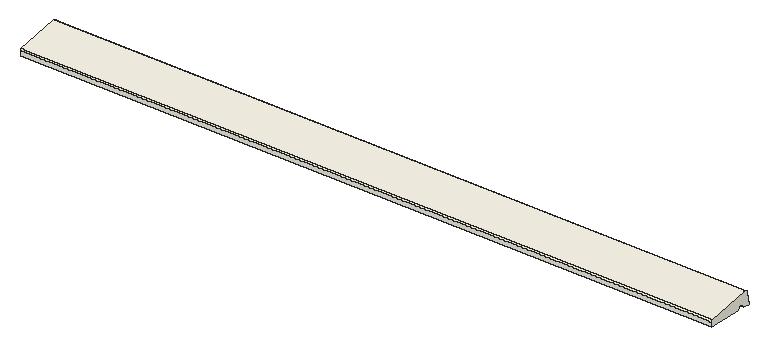
Revit family "Imposta IMP-L.C-1", category Modelos genéricos, Revit 2020
Family settings
  Puede alojar armadura = No
  Cota de conector redondo = Diámetro de uso
  Tipo de pieza = Normal
  Se basa en plano de trabajo = No
  Siempre vertical = No
  Corte con vacíos al cargar = No
  Compartido = No
  Punto de cálculo de habitación = No
Parameters
  Descripción = "Pieza de hormigón polímero con anclajes de acero inoxidable"
  URL = "https://www.ulmaarchitectural.com/es-es"
  Nº filas anclajes [instance] = if(Longitud > 2600 mm, 6, if(Longitud < 660 mm, 2, Longitud / Dist. entre anclajes))  # 3
  Modelo = "Imposta IMP-L"
  Material = Hormigón polímero STONEO. Color C-1
  Longitud real [instance] = if(Longitud > 2600 mm, 2600 mm, if(Longitud < 500 mm, 500 mm, Longitud))  # 1300 mm
  Longitud [instance] = 1300 mm
  Fabricante = "ULMA Architectural Solutions"
  Elevación por defecto = 0 mm
  Dist. entre anclajes [instance] = if(Longitud < 650 mm, 340 mm, 440 mm)  # 440 mm
  Dist primer anclaje [instance] = if(Longitud < 700 mm, 80 mm, 150 mm)  # 150 mm
  Código de montaje = "IMP-L"
  Ancho total = 85 mm  # constant formula
Reference planes
  plane 1 "Centro (Frontal/Posterior)": y = 0
  plane 2: z = 0
  plane 3 "Centro (Izquierda/Derecha)": x = 0
  plane 4: y = -30
  plane 5: y = 30
  plane 6: y = -12
Forms (mm)
  Extrusion 1, solid, material "Hormigón polímero STONEO. Color C-1" <- "Material"
    sketch origin (0, 0, 0) x (0, 1, 0) y (0, 0, 1)
      loop
        line (-42.5, 0) -> (17.5, 0) -> (23.464, 7.156)
        arc (23.464, 7.156) -> (25, 7.876) -> (26.536, 7.156) r 2
        line (26.536, 7.156) -> (32.5, 0) -> (42.5, 0) -> (38.393, 23.295)
        arc (38.393, 23.295) -> (37.685, 24.499) -> (36.361, 24.946) r 2
        line (36.361, 24.946) -> (-40.599, 10.183)
        arc (-40.599, 10.183) -> (-41.949, 9.565) -> (-42.5, 8.186) r 2
        line (-42.5, 8.186) -> (-42.5, 0)
    from 0 to 1300
Dimensions and locks
  equal spacing: Extrusion 1 sketch curve, plane 1 "Centro (Frontal/Posterior)", Extrusion 1 sketch curve
  "Ancho total": Extrusion 1 sketch curve to Extrusion 1 sketch curve
  "Longitud real": Extrusion 1 to Extrusion 1
  "Dist primer anclaje": Extrusion 1 to nested 1
  equal spacing: group 1, group 2, group 3  (x3)
  "Dist. entre anclajes": nested 1 to nested 2
  plane 1 "Centro (Frontal/Posterior)" to plane 4 = 30 mm
  plane 1 "Centro (Frontal/Posterior)" to plane 5 = 30 mm
  Extrusion 1 sketch curve to Extrusion 1 sketch curve to Extrusion 1 sketch curve = 15 mm, 10 mm
  Extrusion 1 sketch curve to level = 10.183 mm
  Extrusion 1 sketch curve to Extrusion 1 sketch curve = 7.876 mm
  Extrusion 1 sketch curve to level = 24.946 mm
  plane 1 "Centro (Frontal/Posterior)" to plane 6 = 12 mm
  radius of Extrusion 1 sketch curve = 2 mm  (x2)
  angle Extrusion 1 sketch curve to Extrusion 1 sketch curve = 90.00°
  angle Extrusion 1 sketch curve to Extrusion 1 sketch curve = 80.00°
  aligned and locked: level to plane 2
  aligned and locked: Extrusion 1 sketch curve to level
  aligned and locked: level to nested 2
  aligned and locked: level to nested 1
  aligned and locked: nested 1 to plane 6
  aligned and locked: nested 2 to plane 6
Automatic sketch dimensions
  Extrusion 1 sketch curve to level = 0 mm
  Extrusion 1 sketch curve to Extrusion 1 sketch curve = 0.099 mm
  Extrusion 1 sketch curve to plane 5 = 6.536 mm
  Extrusion 1 sketch curve to Extrusion 1 sketch curve = 1.536 mm  (x2)
  plane 5 to Extrusion 1 sketch curve = 6.361 mm
  Extrusion 1 sketch curve to Extrusion 1 sketch curve = 1.97 mm
  level to Extrusion 1 sketch curve = 5.876 mm
Nested families
  nested 1: "Anclaje imposta" at (150, -12, -2) x (0, -1, 0) z (0, 0, 1), type "Anclaje inoxidable estándar", detail levels medium+fine
  nested 2: "Anclaje imposta" at (590, -12, -2) x (0, -1, 0) z (0, 0, 1), type "Anclaje inoxidable estándar", detail levels medium+fine
  nested 3: "Anclaje imposta" at (1030, -12, -2) x (0, -1, 0) z (0, 0, 1), type "Anclaje inoxidable estándar", detail levels medium+fine
Definition of nested family "Anclaje imposta"
  Parameters (values of type "Anclaje inoxidable estándar")
    URL = "https://www.ulmaarchitectural.com/es-es"
    Model = "Sujeción anclaje inoxidable estándar SPE"
    Material = none
    Manufacturer = "ULMA"
    Default Elevation = 0 mm
    Assembly Code = "901250015"
  Reference planes
    plane 1 "Centro (Frontal/Posterior)": y = 0
    plane 2: z = 0
    plane 3 "Centro (Izquierda/Derecha)": x = 0
  Dimensions and locks
    equal spacing: import instance, plane 3 "Centro (Izquierda/Derecha)", import instance
    aligned and locked: level to plane 2
